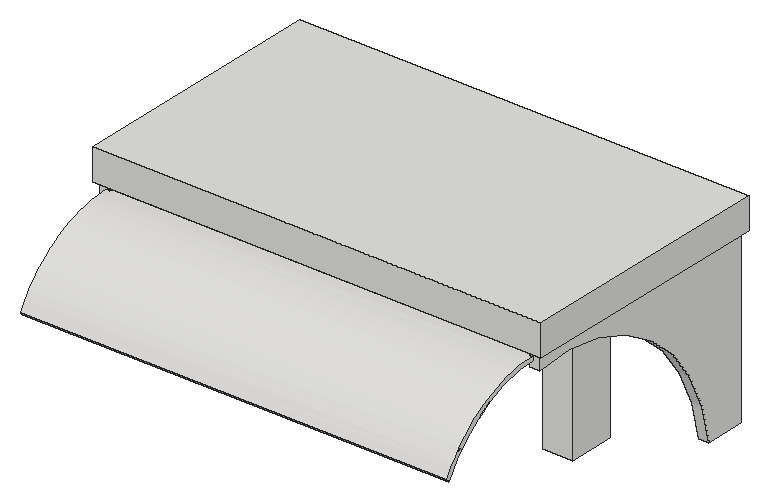
Revit family "DTPR0015_REVIT", category Generic Models, Revit 2017
Family settings
  Can host rebar = No
  Round Connector Dimension = Use Diameter
  Part Type = Normal
  Work Plane-Based = Yes
  Always vertical = No
  Cut with Voids When Loaded = Yes
  Shared = No
  Room Calculation Point = No
Parameters
  Website = "https://dolphy.in/"  # constant formula
  Model = "DTPR0015"  # constant formula
  Default Elevation = 1219.2 mm
  Contact number = "+91 9520202035"  # constant formula
  Contact email = "info@dolphy.in"  # constant formula
  Company name = "Dolphy India"  # constant formula
Reference planes
  plane 1 "Center (Front/Back)": y = 0
  plane 2: z = 0
  plane 3 "Center (Left/Right)": x = 0
Forms (mm)
  Extrusion 1, solid, material "Stainless Steel"
    sketch origin (-110, -2.325, -46) x (0, -1, 0) y (0, 0, -1)
      loop
        line (0, 0) -> (0, -102) -> (125.886, -102) -> (125.886, -78.933)
        arc (125.886, -78.933) -> (56.274, -61.828) -> (20, 0) r 92.118
        line (20, 0) -> (0, 0)
    from 0 to 5
  Extrusion 2, solid, material "Stainless Steel"
    sketch origin (0, -118.325, 0) x (1, 0, 0) y (0, 1, 0)
      loop
        line (-112.104, 118.325) -> (-112.104, -11.675) -> (112.896, -11.675) -> (112.896, 118.325) -> (-112.104, 118.325)
    from 40.323 to 56
  Extrusion 3, void
    sketch origin (0, -118.325, 0) x (1, 0, 0) y (0, 1, 0)
      loop
        line (109.16, 114.675) -> (-110, 114.675) -> (-110, -9.886) -> (109.16, -9.886) -> (109.16, 114.675)
    from 48.477 to 56
  Extrusion 4, solid, material "Stainless Steel"
    sketch origin (0, -118.325, 0) x (1, 0, 0) y (0, 1, 0)
      loop
        line (-110, 114.675) -> (-110, -11.675) -> (109.16, -11.675) -> (109.16, 114.675) -> (-110, 114.675)
    from 51.809 to 56
  Extrusion 5, solid, material "Stainless Steel"
    sketch origin (0, -113.169, 0.078) x (0, 1, 0) y (0, 0, 1)
      loop
        line (-14, 36) -> (-14, 38)
        spline (-14, 38) -> (-21.174, 37.665) -> (-27.021, 36.763) -> (-32.147, 35.494) -> (-36.823, 33.906) -> (-41.222, 32.012) -> (-45.437, 29.818) -> (-49.473, 27.331) -> (-53.357, 24.523) -> (-57.223, 21.207) -> (-61.218, 17.146) -> (-65.368, 12.153) -> (-69.231, 6.257)
        line (-69.231, 6.257) -> (-67.814, 4.841)
        spline (-67.814, 4.841) -> (-64.084, 10.58) -> (-60.038, 15.477) -> (-56.138, 19.466) -> (-52.383, 22.712) -> (-48.602, 25.465) -> (-44.666, 27.909) -> (-40.555, 30.066) -> (-36.264, 31.931) -> (-31.709, 33.497) -> (-26.714, 34.75) -> (-21.018, 35.648) -> (-14, 36)
    from -106.666 to 107.332
  Extrusion 6, solid, material "Stainless Steel"
    sketch origin (-15, -113.325, 0) x (1, 0, 0) y (0, 1, 0)
      loop
        line (-90, 13.325) -> (-74.881, 13.325) -> (-74.881, 36.592) -> (-90, 36.592) -> (-90, 13.325)
    from -22.01 to 50
  Extrusion 7, solid, material "Stainless Steel"
    sketch origin (15, -113.325, 0) x (-1, 0, 0) y (0, -1, 0)
      loop
        line (-90, -13.325) -> (-90, -36.592) -> (-74.881, -36.592) -> (-74.881, -13.325) -> (-90, -13.325)
    from -22.01 to 50
  Extrusion 8, solid, material "Stainless Steel"
    sketch origin (110.792, -2.325, -46) x (0, -1, 0) y (0, 0, 1)
      loop
        line (0, 0) -> (20, 0)
        arc (20, 0) -> (56.274, 61.828) -> (125.886, 78.933) r 92.118
        line (125.886, 78.933) -> (125.886, 100.137) -> (0, 100.137) -> (0, 0)
    from 0 to 5
Cuts and joins
  Extrusion 3 cuts Extrusion 1
  Extrusion 3 cuts Extrusion 2
  joined: Extrusion 1, Extrusion 2, Extrusion 4, Extrusion 5, Extrusion 6, Extrusion 7
Dimensions and locks
  aligned and locked: level to plane 2
